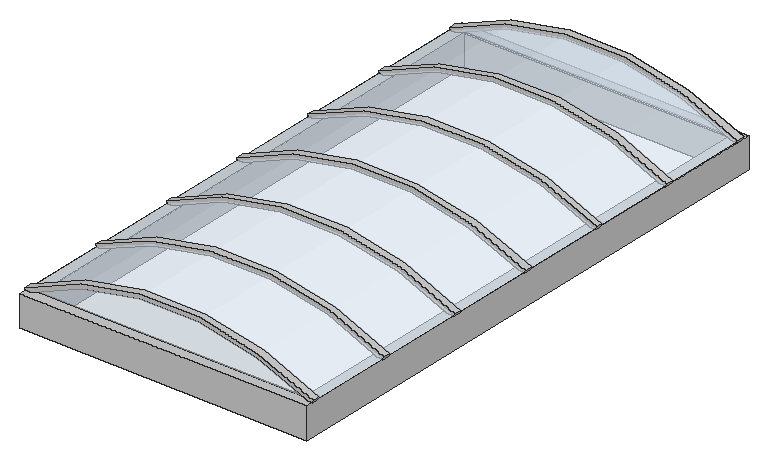
Revit family "48PM_Win_Skylight_Arc", category Okna, Revit 2022
Family settings
  Obiekt nadrzędny = Dach
  Zawsze pionowo = Nie
  Tnij formami wycięć po wczytaniu = Nie
  Współdzielony = Nie
  Punkt obliczania pomieszczeń = Tak
Parameters (values of type "SK-06 3000x6000")
  Szerokość = 3000 mm
  Komentarze typu = "SKYLIGHTS WITH POLYCARBONATE INFILL"
  Sill Material = PM_Doors_Metal_Handles
  Rough Width = Szerokość  # 3000 mm
  Rough Height = Height  # 6000 mm
  RL_Mullion_No = Length / 1000 mm + 1  # 7
  Number of Side Vent Modules = 1
  Number of Center Vent Modules = 2
  Module Width = Length / (RL_Mullion_No - 1)  # 1000 mm
  Model = "PROLIGHT"
  Producent = "MERCOR"
  MP_Ventilation = no
  MP_Type Mark = "SK-03"
  MP_Smoke release = "NIE DOTYCZY / N.A."
  MP_Remarks = "PODSTAWA: zaizolowana termicznie wełną mineralną o grubości 5,0 cm / BASE: thermally insulated 5,0 cm thick mineral wool"
  MP_Reaction to fire_class = "Broof(t1)"
  MP_Mounting = "Do podkonstrukcji stalowej / to subconstruction"
  MP_Infill = "Wypełnienie wielowarstwowe: płyta PCA16 + NRO + PP + płyta PCA10 / Multi course glazing: PCA10 + non-spreading fire band + PP + PCA10"
  MP_Fall protection = "Siatka od spodu i punkty asekuracji wg specyfikacji / mesh from bottom and fixed safety pots on roof acc. to spec."
  MP_Equipment = "NIE DOTYCZY / N.A."
  MP_Description = ""
  MP_Count = 1
  MP_Base type = "PIONOWA / STRAIGHT"
  MP_Base material = "Blacha stalowa ocynkowana, malowana od wewnątrz na kolor RAL9010(Reinweiss) / Galvanized steel sheet, painted inside in RAL9010 (Reinweiss)"
  MP_Base height = 750 mm
  MP_Aeration = "NIE DOTYCZY / N.A."
  MP_Actuator type = "NIE DOTYCZY / N.A."
  Length = 6000 mm
  Legend_vis = no
  Keynote = "A15"
  Invisible Line Length [instance] = 5000 mm
  Height = Length  # 6000 mm
  Glass Material = PM_Glass_Ext_Skylight
  Front Vent Visibility = no
  Frame Material = PM_Doors_Metal_Handles
  Dimention Side Ventilation = Module Width * Number of Side Vent Modules  # 1000 mm
  Dimention Center Ventilation = Module Width * Number of Center Vent Modules  # 2000 mm
  Opis = "ŚWIETLIKI DACHOWE Z WYPEŁNIENIEM Z POLIWĘGLANU"
  Zdefiniuj właściwości cieplne przez = Użyj dowolnego kąta
  Cost Zone = ""
  Typ budowy = "Skylight Aluminium"
  Center Vent Visibility = no
  Cell width [instance] = 120 mm
  Back Vent Visibility = no
  Assembly Code = "A15"
  ArcRadius = 2800 mm
  ArcLength = 2240 mm
  Angle Slope = 30.00°
  Konstrukcja analityczna = "<None>"
  48PM_U Value Text = "1.0000 W/(m²·K)"
  48PM_U Value = 1.0000 W/(m²·K)
  48PM_SD_Zone = "SD-K6"
  48PM_Acz = 0.00 m²
Types (6, lengths in mm): name | Szerokość | Rough Width | Rough Height | RL_Mullion_No | Module Width | MP_Type Mark | Length | Height | Dimention Side Ventilation | Dimention Center Ventilation | ArcRadius | 48PM_SD_Zone
  SK-04 2400x3600 | 2400 | 2400 | 3600 | 5 | 900 | "SK-04" | 3600 | 3600 | 900 | 1800 | 2400 | "SD-K4"
  SK-03 2800x8000 | 2800 | 2800 | 8000 | 9 | 1000 | "SK-03" | 8000 | 8000 | 1000 | 2000 | 2800 | "SD-K3"
  SK-01 3600x13200 | 3600 | 3600 | 13200 | 14 | 1015.385 | "SK-03" | 13200 | 13200 | 1015.385 | 2030.769 | 3600 | "SD-K1"
  SK-02 3600x6000 | 3600 | 3600 | 6000 | 7 | 1000 | "SK-02" | 6000 | 6000 | 1000 | 2000 | 3600 | "SD-K2"
  SK-06 3000x6000 | 3000 | 3000 | 6000 | 7 | 1000 | "SK-03" | 6000 | 6000 | 1000 | 2000 | 2800 | "SD-K6"
  SK-05 2800x7000 | 2800 | 2800 | 7000 | 8 | 1000 | "SK-03" | 7000 | 7000 | 1000 | 2000 | 2800 | "SD-K5"
Reference planes
  plane 1 "Center (Front/Back)": y = 0
  plane 2 "Roof": z = 4000
  plane 3 "Center (Left/Right)": x = 0
  plane 4 "FrontGlass": y = -3000
  plane 5 "RearGlass": y = 3000
  plane 6: z = 4735
  plane 7: x = -1500
  plane 8: x = 1500
  plane 9: x = -1620
  plane 10: x = 1620
  plane 11: y = 2000
  plane 12: y = -2000
  plane 13: x = -1450
  plane 14: x = 1450
  plane 15: y = 2050
  plane 16: y = 2950
  plane 17: y = -2050
  plane 18: y = -2950
  plane 19: y = 1000
  plane 20: y = -1000
  plane 21: y = -950
  plane 22: y = 950
  plane 23 "Plaszczyzna symboli": z = 5235
  plane 24 "2": y = -4200
  plane 25: x = 0
Forms (mm)
  Sweep 1, solid, material "PM_Doors_Metal_Handles" <- "Sill Material"
    path origin (0, 0, 4000) x (1, 0, 0) y (0, 1, 0)
      loop
        line (1500, 3000) -> (-1500, 3000) -> (-1500, -3000) -> (1500, -3000) -> (1500, 3000)
    profile origin (1500, 0, 4000) x (1, 0, 0) y (0, 0, 1)
      loop
        line (0, 385) -> (120, 385) -> (120, 735) -> (0, 735) -> (0, 385)
  Sweep 2, solid, material "PM_Glass_Ext_Skylight" <- "Glass Material"
    path origin (0, 0, 0) x (1, 0, 0) y (0, 0, 1)
      loop
        arc (-1620, 4735) -> (0, 5125.214) -> (1620, 4735) r 3557.88
    profile origin (0, 0, 5125.214) x (0, 0, 1) y (0, -1, 0)
      loop
        line (0, -3000) -> (0, 3000) -> (-15, 3000) -> (-15, -3000) -> (0, -3000)
  Extrusion 3, solid, material "PM_Glass_Ext_Skylight" <- "Glass Material"
    sketch origin (0, 3000, 0) x (0, 0, -1) y (-1, 0, 0)
      loop
        arc (-4735, 1620) -> (-5125.214, 0) -> (-4735, -1620) r 3557.88
        line (-4735, -1620) -> (-4735, 1620)
    from 0 to 15
  Extrusion 4, solid, material "PM_Glass_Ext_Skylight" <- "Glass Material"
    sketch origin (-5800, -3000, 5200) x (-1, 0, 0) y (0, 0, 1)
      loop
        arc (-4180, -465) -> (-5800, -74.786) -> (-7420, -465) r 3557.88
        line (-7420, -465) -> (-4180, -465)
    from 0 to -15
Lines and regions (mm)
  Opening 1
    outline origin (0, 0, 4385) x (0, 1, 0) y (-1, 0, 0)
      loop
        line (3000, 1500) -> (-3000, 1500) -> (-3000, -1500) -> (3000, -1500) -> (3000, 1500)
  model lines, style "WindowsOpeningProjection"
    curve 1: line (1500, -3000, 4000) -> (-1500, -3000, 4000)
    curve 2: line (1500, 3000, 4000) -> (1500, -3000, 4000)
    curve 3: line (-1500, 3000, 4000) -> (1500, 3000, 4000)
    curve 4: line (-1500, -3000, 4000) -> (-1500, 3000, 4000)
    curve 5: line (-1500, -3000, 4000) -> (1500, 3000, 4000)
    curve 6: line (-1500, 3000, 4000) -> (1500, -3000, 4000)
  model lines, style "InvisibleLines"
    curve 7: line (0, 0, 4000) -> (0, 0, -1000)
  model lines, style "Skylight Ventilation", visible <- "Back Vent Visibility"
    curve 8: line (-1450, 2950, 5235) -> (1450, 2050, 5235)
    curve 9: line (1450, 2950, 5235) -> (-1450, 2050, 5235)
    curve 10: line (-1450, 2950, 5235) -> (1450, 2950, 5235)
    curve 11: line (1450, 2050, 5235) -> (1450, 2950, 5235)
    curve 12: line (-1450, 2050, 5235) -> (1450, 2050, 5235)
    curve 13: line (-1450, 2050, 5235) -> (-1450, 2950, 5235)
  model lines, style "Skylight Ventilation", visible <- "Front Vent Visibility"
    curve 14: line (-1450, -2950, 5235) -> (1450, -2050, 5235)
    curve 15: line (1450, -2950, 5235) -> (-1450, -2050, 5235)
    curve 16: line (-1450, -2950, 5235) -> (1450, -2950, 5235)
    curve 17: line (1450, -2050, 5235) -> (1450, -2950, 5235)
    curve 18: line (-1450, -2050, 5235) -> (1450, -2050, 5235)
    curve 19: line (-1450, -2050, 5235) -> (-1450, -2950, 5235)
  model lines, style "Skylight Ventilation", visible <- "Center Vent Visibility"
    curve 20: line (-1450, 950, 5235) -> (1450, 950, 5235)
    curve 21: line (-1450, -950, 5235) -> (-1450, 950, 5235)
    curve 22: line (-1450, -950, 5235) -> (1450, -950, 5235)
    curve 23: line (1450, -950, 5235) -> (1450, 950, 5235)
    curve 24: line (-1450, 950, 5235) -> (1450, -950, 5235)
    curve 25: line (1450, 950, 5235) -> (-1450, -950, 5235)
Dimensions and locks
  equal spacing: host sketch curve, plane 3 "Center (Left/Right)", host sketch curve
  equal spacing: host sketch curve, plane 1 "Center (Front/Back)", host sketch curve
  host roof to host roof = 385 mm
  "Length": Sweep 2 sketch curve to Sweep 2 sketch curve
  equal spacing: Sweep 2 sketch curve, plane 1 "Center (Front/Back)", Sweep 2 sketch curve
  plane 1 "Center (Front/Back)" to plane 4 "FrontGlass" = 3000 mm
  plane 5 "RearGlass" to plane 1 "Center (Front/Back)" = 3000 mm
  Extrusion 3 to plane 5 "RearGlass" = 15 mm
  locked: plane 6 to host roof at 350
  equal spacing: plane 7, plane 3 "Center (Left/Right)", plane 8
  "Szerokość": plane 7 to plane 8
  locked: plane 10 to plane 8 at 120
  locked: plane 9 to plane 7 at 120
  "Length": plane 5 "RearGlass" to plane 4 "FrontGlass"
  equal spacing: plane 5 "RearGlass", plane 1 "Center (Front/Back)", plane 4 "FrontGlass"
  equal spacing: group 1, group 3, group 4, group 5, group 6, group 7, group 2  (x3)
  "Invisible Line Length": curve 7 to curve 7
  "Dimention Side Ventilation": plane 5 "RearGlass" to plane 11
  "Dimention Side Ventilation": plane 12 to plane 4 "FrontGlass"
  locked: plane 7 to plane 13 at 50
  locked: plane 14 to plane 8 at 50
  locked: plane 5 "RearGlass" to plane 16 at 50
  locked: plane 15 to plane 11 at 50
  locked: plane 12 to plane 17 at 50
  locked: plane 4 "FrontGlass" to plane 18 at 50
  locked: plane 19 to plane 22 at 50
  locked: plane 21 to plane 20 at 50
  equal spacing: plane 19, plane 1 "Center (Front/Back)", plane 20
  "Dimention Center Ventilation": plane 19 to plane 20
  plane 23 "Plaszczyzna symboli" to plane 6 = 500 mm
  locked: plane 4 "FrontGlass" to plane 24 "2" at 1200
  aligned and locked: level to plane 2 "Roof"
  aligned and locked: Sweep 1 sketch curve to plane 5 "RearGlass"
  aligned and locked: Sweep 1 sketch curve to plane 4 "FrontGlass"
  aligned and locked: plane 3 "Center (Left/Right)" to nested 1
  aligned and locked: nested 1 to plane 4 "FrontGlass"
  aligned and locked: nested 2 to plane 5 "RearGlass"
  aligned and locked: curve 1 to Sweep 1
  aligned and locked: curve 2 to Sweep 1
  aligned and locked: curve 3 to Sweep 1
  aligned and locked: curve 4 to Sweep 1
  aligned and locked: curve 7 to plane 1 "Center (Front/Back)"
  aligned and locked: curve 7 to plane 3 "Center (Left/Right)"
  aligned and locked: plane 2 "Roof" to curve 7
  aligned and locked: plane 6 to nested 2
  aligned and locked: plane 6 to nested 1
  aligned and locked: plane 14 to curve 9
  aligned and locked: plane 13 to curve 8
  aligned and locked: curve 10 to plane 16
  aligned and locked: curve 11 to plane 14
  aligned and locked: curve 12 to plane 15
  aligned and locked: curve 13 to plane 13
  aligned and locked: plane 17 to curve 18
  aligned and locked: plane 14 to curve 17
  aligned and locked: plane 13 to curve 19
  aligned and locked: plane 18 to curve 16
  aligned and locked: curve 20 to plane 22
  aligned and locked: curve 21 to plane 13
  aligned and locked: curve 22 to plane 21
  aligned and locked: curve 23 to plane 14
  aligned and locked: Extrusion 4 sketch curve to Sweep 2
  aligned and locked: host roof to Sweep 1 sketch curve
  aligned and locked: Opening 1 sketch curve to plane 5 "RearGlass"
  aligned and locked: Opening 1 sketch curve to plane 4 "FrontGlass"
  aligned and locked: Opening 1 sketch curve to plane 7
  aligned and locked: plane 8 to Opening 1 sketch curve
  aligned and locked: nested 6 to plane 24 "2"
  aligned and locked: nested 6 to plane 3 "Center (Left/Right)"
Automatic sketch dimensions
  Sweep 1 sketch curve to plane 7 = 0 mm
  Sweep 1 sketch curve to plane 8 = 0 mm
  Sweep 2 sketch curve to plane 6 = 0 mm  (x2)
  plane 9 to Sweep 2 sketch curve = 0 mm
  Sweep 2 sketch curve to plane 3 "Center (Left/Right)" = 0 mm
  level to Sweep 2 sketch curve = 1567.334 mm
  Extrusion 4 sketch curve to plane 6 = 0 mm
  level to Extrusion 3 sketch curve = 1567.334 mm
  Extrusion 3 sketch curve to plane 6 = 0 mm
  plane 10 to Extrusion 3 sketch curve = 0 mm
  Extrusion 3 sketch curve to plane 3 "Center (Left/Right)" = 0 mm
  profile plane to Sweep 1 sketch curve = 0 mm
  Sweep 1 sketch curve to profile plane = 120 mm
  Sweep 1 sketch curve to Sweep 1 sketch curve = 350 mm
  profile plane to Sweep 2 sketch curve = 0 mm
  Sweep 2 sketch curve to Sweep 2 sketch curve = 15 mm
Nested families
  nested 1: "Mullion" at (53.538, -3000, 0), type "Mullion"
  nested 2: "Mullion" at (53.538, 3000, 0), type "Mullion"
  nested 3: "Mullion" at (53.538, -2000, 0), type "Mullion"
  nested 4: "Mullion" at (53.538, -1000, 0), type "Mullion"
  nested 5: "Mullion" at (53.538, 0, 0), type "Mullion"
  nested 6: "MP_Windows_legend" at (0, -4200, 4000), Legend_vis <- "Legend_vis", Cell width <- "Cell width", MP_Count <- "MP_Count", type "MP_Windows_legend"
    with MP_Count 1, Legend_vis no, Cell width 120 mm
  nested 7: "Mullion" at (53.538, 1000, 0), type "Mullion"
  nested 8: "Mullion" at (53.538, 2000, 0), type "Mullion"
Definition of nested family "Mullion"
  Parameters (values of type "Mullion")
    Width = 3000 mm
    PM - Mullion Material = none
    Arc Radius = 3451.233 mm
    Analytic Construction = "<None>"
  Reference planes
    plane 1: y = 0
    plane 2: x = -53.538
    plane 3: x = -1553.538
    plane 4: x = 1446.462
    plane 5: x = -53.538
    plane 6: z = 4400
    plane 7: z = 4000
    plane 8: z = 4735
    plane 9: x = -1673.538
    plane 10: x = 1566.462
  Forms (mm)
    Sweep 1, solid, material <- "PM - Mullion Material"
      path origin (-1524, 0, 0) x (1, 0, 0) y (0, 0, 1)
        loop
          arc (-149.538, 4735) -> (1470.462, 5138.839) -> (3090.462, 4735) r 3451.233
      profile origin (-53.538, 0, 5138.839) x (0, 0, 1) y (0, -1, 0)
        loop
          line (25, 40) -> (-25, 40) -> (-25, -40) -> (25, -40) -> (25, 40)
  Lines and regions (mm)
    reference lines
      curve 1: arc (-1673.538, 0, 4735) -> (-53.538, 0, 5138.839) -> (1566.462, 0, 4735) r 3451.233
  Dimensions and locks
    "Width": plane 4 to plane 3
    locked: plane 3 to plane 9 at 120
    locked: plane 10 to plane 4 at 120
    equal spacing: plane 4, plane 2, plane 3
    "Arc Radius": radius of curve 1
    aligned and locked: Sweep 1 sketch curve to curve 1
    aligned and locked: plane 9 to curve 1
    aligned and locked: plane 8 to curve 1  (x2)
    aligned and locked: plane 10 to curve 1
  Automatic sketch dimensions
    Sweep 1 sketch curve to plane 8 = 0 mm  (x2)
    profile plane to Sweep 1 sketch curve = 25 mm
    Sweep 1 sketch curve to profile plane = 25 mm
    Sweep 1 sketch curve to plane 1 = 40 mm
    plane 1 to Sweep 1 sketch curve = 40 mm
Definition of nested family "MP_Windows_legend"
  Parameters (values of type "MP_Windows_legend")
    _Width = 3000 mm
    _Height = 6000 mm
    MP_Ventilation = no
    MP_Type comments = "SKYLIGHTS WITH POLYCARBONATE INFILL"
    MP_Type Mark = "SK-03"
    MP_Smoke release = "NIE DOTYCZY / N.A."
    MP_Remarks = "PODSTAWA: zaizolowana termicznie wełną mineralną o grubości 5,0 cm / BASE: thermally insulated 5,0 cm thick mineral wool"
    MP_Reaction to fire_class = "Broof(t1)"
    MP_Mounting = "Do podkonstrukcji stalowej / to subconstruction"
    MP_Model = "PROLIGHT"
    MP_Manufacturer = "MERCOR"
    MP_Infill = "Wypełnienie wielowarstwowe: płyta PCA16 + NRO + PP + płyta PCA10 / Multi course glazing: PCA10 + non-spreading fire band + PP + PCA10"
    MP_Fall protection = "Siatka od spodu i punkty asekuracji wg specyfikacji / mesh from bottom and fixed safety pots on roof acc. to spec."
    MP_Equipment = "NIE DOTYCZY / N.A."
    MP_Design Stage = ""
    MP_Description_ = "ŚWIETLIKI DACHOWE Z WYPEŁNIENIEM Z POLIWĘGLANU"
    MP_Description = ""
    MP_Count [instance] = 0
    MP_Base type = "PIONOWA / STRAIGHT"
    MP_Base material = "Blacha stalowa ocynkowana, malowana od wewnątrz na kolor RAL9010(Reinweiss) / Galvanized steel sheet, painted inside in RAL9010 (Reinweiss)"
    MP_Base height = 750 mm
    MP_Aeration = "NIE DOTYCZY / N.A."
    MP_Actuator type = "NIE DOTYCZY / N.A."
    Legend_vis [instance] = no
    Cost Zone = ""
    Cell width [instance] = 120 mm
    48PM_U Value Text = "1.0000 W/(m²·K)"
    48PM_SD_Zone = "SD-K6"
    48PM_Acz = 0.00 m²
  Reference planes
    plane 1: y = 0
    plane 2: x = 0
  Lines and regions (mm)
    detail lines
      curve 1: line (-60, 0, 0) -> (60, 0, 0)
      curve 2: line (-60, -12, 0) -> (60, -12, 0)
      curve 3: line (-60, -12, 0) -> (-60, 0, 0)
      curve 4: line (60, 0, 0) -> (60, -12, 0)
      curve 5: line (-60, -24, 0) -> (60, -24, 0)
      curve 6: line (-60, -24, 0) -> (-60, -12, 0)
      curve 7: line (60, -12, 0) -> (60, -24, 0)
      curve 8: line (-60, -66, 0) -> (60, -66, 0)
      curve 9: line (-60, -66, 0) -> (-60, -24, 0)
      curve 10: line (60, -24, 0) -> (60, -66, 0)
      curve 11: line (-60, -92.8, 0) -> (60, -92.8, 0)
      curve 12: line (-60, -92.8, 0) -> (-60, -66, 0)
      curve 13: line (60, -66, 0) -> (60, -92.8, 0)
      curve 14: line (-60, -107.6, 0) -> (60, -107.6, 0)
      curve 15: line (-60, -107.6, 0) -> (-60, -92.8, 0)
      curve 16: line (60, -92.8, 0) -> (60, -107.6, 0)
      curve 17: line (-60, -131.6, 0) -> (60, -131.6, 0)
      curve 18: line (-60, -131.6, 0) -> (-60, -107.6, 0)
      curve 19: line (60, -107.6, 0) -> (60, -131.6, 0)
      curve 20: line (-60, -155.6, 0) -> (60, -155.6, 0)
      curve 21: line (-60, -155.6, 0) -> (-60, -131.6, 0)
      curve 22: line (60, -131.6, 0) -> (60, -155.6, 0)
      curve 23: line (-60, -197.6, 0) -> (60, -197.6, 0)
      curve 24: line (-60, -197.6, 0) -> (-60, -155.6, 0)
      curve 25: line (60, -155.6, 0) -> (60, -197.6, 0)
      curve 26: line (-60, -209.6, 0) -> (60, -209.6, 0)
      curve 27: line (-60, -209.6, 0) -> (-60, -197.6, 0)
      curve 28: line (60, -197.6, 0) -> (60, -209.6, 0)
      curve 29: line (-60, -251.6, 0) -> (60, -251.6, 0)
      curve 30: line (-60, -251.6, 0) -> (-60, -209.6, 0)
      curve 31: line (60, -209.6, 0) -> (60, -251.6, 0)
      curve 32: line (-60, -263.6, 0) -> (60, -263.6, 0)
      curve 33: line (-60, -263.6, 0) -> (-60, -251.6, 0)
      curve 34: line (60, -251.6, 0) -> (60, -263.6, 0)
      curve 35: line (-60, -275.6, 0) -> (60, -275.6, 0)
      curve 36: line (-60, -275.6, 0) -> (-60, -263.6, 0)
      curve 37: line (60, -263.6, 0) -> (60, -275.6, 0)
      curve 38: line (-60, -299.6, 0) -> (60, -299.6, 0)
      curve 39: line (-60, -299.6, 0) -> (-60, -275.6, 0)
      curve 40: line (60, -275.6, 0) -> (60, -299.6, 0)
      curve 41: line (-60, -78, 0) -> (60, -78, 0)
      curve 42: line (-60, -239.6, 0) -> (60, -239.6, 0)
      curve 43: line (-60, -227.6, 0) -> (60, -227.6, 0)
      curve 44: line (-60, -42, 0) -> (60, -42, 0)
      curve 45: line (-60, -54, 0) -> (60, -54, 0)
  Text (mm)
    label "1500 x  2000" at (1.358, -18.209, 0), shows "_Width", "_Height"
    label "2.19 " at (1.358, -33.118, 0), shows "48PM_Acz"
    label "1.1000" at (1.358, -71.959, 0), shows "48PM_U Value Text"
    label "fnwevouwergvdnsithnfgjv jasdnhwaglvbdebsjahbgbnvjkdsbnfcsevbretgazehb weatzgh" at (1.358, -278.179, 0), shows "MP_Remarks"
    label "MP_Manufacturer" at (1.358, -257.472, 0), shows "MP_Manufacturer"
    label "MP_Model" at (1.358, -269.91, 0), shows "MP_Model"
    text "\t\tILOŚĆ / AMOUNT" at (-68.871, -5.699, 0), not visible
    text "CLEAR DIMENSION (WxL) / WYMIAR W ŚWIETLE (mm)" at (-68.871, -18.209, 0), not visible
    text "POWIERZCHNIA CZYNNA ODDYMIANIA Acz / ACTIVE EXHAUST AREA Acz (m2)" at (-68.871, -32.084, 0), not visible
    text "IZOLACYJNOŚĆ TERMICZNA / U VALUE" at (-68.871, -72.084, 0), not visible
    text "WYSOKOŚĆ PODSTAWY / BASE HEIGHT (mm)" at (-68.871, -100.764, 0), not visible
    text "MATERIAŁ PODSTAWY /   BASE MATERIAL" at (-68.871, -118.419, 0), not visible
    text "KLASA REAKCJI NA OGIEŃ (zgodnie z PN - EN 13501-1) / REACTION TO FIRE TEST CLASSIFICATION" at (-68.871, -144.799, 0), not visible
    text "WYPEŁNIENIE / INFILL" at (-68.871, -162.111, 0), not visible
    text "MOCOWANIE / MOUNTING" at (-68.871, -203.299, 0), not visible
    text "ZABIEZPIECZENIE PRZED UPADKIEM / FALL PROTECTION" at (-68.871, -245.549, 0), not visible
    text "PRODUCENT / MANUFACTURER" at (-68.871, -257.924, 0), not visible
    text "MODEL / MODEL" at (-68.871, -269.592, 0), not visible
    text "UWAGI/ REMARKS" at (-68.871, -287.549, 0), not visible
    text "TYP PODSTAWY / BASE TYPE" at (-68.871, -85.339, 0), not visible
    text "TYP SIŁOWNIKA / ACTUATOR TYPE" at (-68.871, -217.799, 0), not visible
    text "WYPOSAŻENIE / EQUIPMENT" at (-68.871, -233.299, 0), not visible
    label "MP_Smoke release" at (1.358, -47.959, 0), shows "MP_Smoke release"
    text "WYZWALANIE ODDYMIANIA / SMOKE RELEASE" at (-68.871, -48.084, 0), not visible
    label "MP_Ventilation" at (1.358, -59.959, 0), shows "MP_Ventilation"
    text "FUNKCJA PRZEWIETRZANIA / VENTILATION" at (-68.871, -60.084, 0), not visible
    label "MP_Base type" at (1.358, -85.209, 0), shows "MP_Base type"
    label "MP_Base height" at (1.358, -100.009, 0), shows "MP_Base height"
    label "MP_Base material" at (1.358, -111.179, 0), shows "MP_Base material"
    label "MP_Reaction to fire_class" at (1.358, -133.929, 0), shows "MP_Reaction to fire_class"
    label "MP_Infill" at (1.358, -157.929, 0), shows "MP_Infill"
    label "MP_Mounting" at (1.358, -203.559, 0), shows "MP_Mounting"
    label "MP_Actuator type" at (1.358, -211.929, 0), shows "MP_Actuator type"
    label "MP_Equipment" at (1.358, -233.559, 0), shows "MP_Equipment"
    label "MP_Fall protection" at (1.358, -245.559, 0), shows "MP_Fall protection"
  Dimensions and locks
    equal spacing: curve 3, plane 2, curve 4
    "Cell width": curve 3 to curve 4
    aligned and locked: plane 1 to curve 1
  Automatic sketch dimensions
    plane 1 to curve 6 = 12 mm
    curve 5 to curve 2 = 12 mm
    curve 12 to curve 5 = 42 mm
    curve 15 to curve 8 = 26.8 mm
    curve 19 to curve 11 = 14.8 mm
    curve 18 to curve 14 = 24 mm
    curve 25 to curve 17 = 24 mm
    curve 23 to curve 20 = 42 mm
    curve 26 to curve 23 = 12 mm
    curve 31 to curve 26 = 42 mm
    curve 36 to curve 29 = 12 mm
    curve 37 to curve 32 = 12 mm
    curve 39 to curve 35 = 24 mm
    curve 44 to curve 5 = 18 mm
    curve 8 to curve 45 = 12 mm
    curve 41 to curve 8 = 12 mm
    curve 43 to curve 26 = 18 mm
    curve 29 to curve 42 = 12 mm
